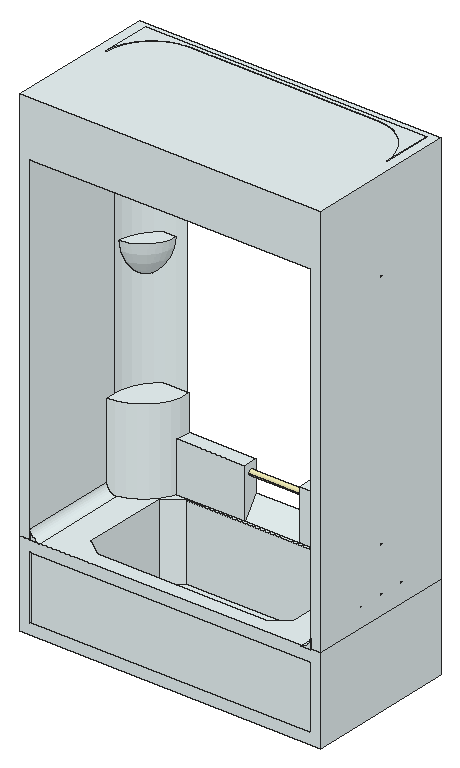
Revit family
Parameters
  Waste Connection = yes
  Warranty Duration (Years) = 10
  Vent Connection = no
  Tub Spout Height = 1' - 9"
  Test Data = ""
  Specification = "http://www.arcat.com/divs/sec/sec15410.shtml"
  Shower Head Height [instance] = 6' - 6"
  Sales Information = ""
  Right Handed [instance] = yes
  Rad A = Depth * 0.38229  # 0' - 11 15/32"
  Product Properties = "http://www.arcat.com/bim/bim_info.pl?fn=Tub-Enclosure_1-Piece"
  Product Data = "http://www.arcat.com/divs/sec/sec15410.shtml"
  Model = "Generic"  # constant formula
  Material - Bath Fittings = ARCAT - Fiberglass
  Manufacturer Website = "http://www.arcat.com/"
  Manufacturer Phone - Toll Free = ""
  Manufacturer Phone = "(203) 929-9444"  # constant formula
  Manufacturer Fax = "(203) 939-2444"  # constant formula
  Manufacturer Email = "bim@arcat.com"  # constant formula
  Manufacturer Address = "1077 Bridgeport Ave, Shelton, CT  06484"  # constant formula
  Manufacturer = "Generic"  # constant formula
  Maintenance Schedule (Months) = 12
  Length = 5' - 0"
  Keynote = "15410"
  Description = "1 Piece Tub Enclosure"
  Connections - Supply [instance] = Plumbing-Connector : Sweat-Sweat -C-C 050
  Left Handed [instance] = yes
  Installation_Fabrication = ""
  Installation Phase = ""
  Height = 8' - 0"
  HW Connection = yes
  Green Building - LEED = "http://www.arcat.com/green/green_building.shtml"
  Finish - Bath Fixtures = ARCAT - Metal - Brass
  Finish - Bath Fittings = ARCAT - Enamel Coating - Azure
  Expected Lifespan (Years) = 20
  Drawn By = "Robert S. Weygant. CSI, CDT, SCIP"  # constant formula
  Connections - Drain [instance] = Plumbing-Connector : Weld-Weld -PVC-PVC 150
  Depth = 2' - 6"
  Default Elevation = 4' - 0"
  Copyright = "2008, ARCAT, Inc."  # constant formula
  Control Height = 2' - 6"
  Construction Details = "http://www.arcat.com/divs/sec/sec15410.shtml"
  CW Connection = yes
  Building Codes = ""
  Assembly Code = "D2010510"
Reference planes (in)
  plane 1 "Center": y = 2
  plane 2: z = 0
  plane 3 "Center (Left/Right)": x = 0
  plane 4: y = 17
  plane 5: y = -13
  plane 6 "Left Hand": x = -30
  plane 7 "Right Hand": x = 30
  plane 8: z = 96
  plane 9: y = 0
  plane 10: x = 0
  plane 11: y = 17
  plane 12: y = -17
  plane 13: y = -2.875
  plane 14: y = 0
  plane 15: x = 0
  plane 16: y = 17
  plane 17: y = -17
  plane 18: y = -2.875
  plane 19: z = 78
  plane 20: z = 30
  plane 21: z = 21
  plane 22 "Drain Level": z = 2
  plane 23: x = -16
  plane 24: x = 16
Forms (in)
  Extrusion 1, solid, material "ARCAT - Enamel Coating - Azure" <- "Finish - Bath Fittings"
    sketch origin (0, -17, 0) x (1, 0, 0) y (0, 1, 0)
      loop
        line (-30, 34) -> (-30, 4) -> (30, 4) -> (30, 34) -> (-30, 34)
    from 17 to 96
  Extrusion 2, void
    sketch origin (0, -17, 17) x (1, 0, 0) y (0, 1, 0)
      loop
        line (-28, 4) -> (0, 4) -> (28, 4) -> (28, 25)
        arc (28, 25) -> (25.30761, 31.5) -> (18.80761, 34.19239) r 9.19239
        line (18.80761, 34.19239) -> (0, 34.19239) -> (-18.80761, 34.19239)
        arc (-18.80761, 34.19239) -> (-25.30761, 31.5) -> (-28, 25) r 9.19239
        line (-28, 25) -> (-28, 4)
    from 0 to 68
  Extrusion 3, solid, material "ARCAT - Enamel Coating - Azure" <- "Finish - Bath Fittings"
    sketch origin (0, -17, 77) x (1, 0, 0) y (0, 1, 0)
      loop
        line (28, 23) -> (28, 33) -> (-28, 33) -> (-28, 23)
        arc (-28, 23) -> (-25.30761, 29.5) -> (-18.80761, 32.19239) r 9.19239
        line (-18.80761, 32.19239) -> (18.80761, 32.19239)
        arc (18.80761, 32.19239) -> (25.30761, 29.5) -> (28, 23) r 9.19239
    from 8 to 19
  Extrusion 4, solid, material "ARCAT - Enamel Coating - Azure" <- "Finish - Bath Fittings"
    sketch origin (0, 16, 0) x (1, 0, 0) y (0, 0, 1)
      loop
        line (28, 17) -> (28, 19)
        arc (28, 19) -> (27.41421, 17.58579) -> (26, 17) r 2
        line (26, 17) -> (28, 17)
    from 0 to 29
  Extrusion 5, solid, material "ARCAT - Enamel Coating - Azure" <- "Finish - Bath Fittings"
    sketch origin (0, 16, 0) x (-1, 0, 0) y (0, 0, -1)
      loop
        line (28, -17) -> (26, -17)
        arc (26, -17) -> (27.41421, -17.58579) -> (28, -19) r 2
        line (28, -19) -> (28, -17)
    from 0 to 29
  Extrusion 6, solid, material "ARCAT - Enamel Coating - Azure" <- "Finish - Bath Fittings"
    sketch origin (0, -17, 17) x (1, 0, 0) y (0, 1, 0)
      loop
        line (28, 23) -> (28, 32.19239) -> (18.80761, 32.19239)
        arc (18.80761, 32.19239) -> (21.5, 25.69239) -> (28, 23) r 9.19239
    from 0 to 17
  Extrusion 7, solid, material "ARCAT - Enamel Coating - Azure" <- "Finish - Bath Fittings"
    sketch origin (0, -17, 17) x (1, 0, 0) y (0, 1, 0)
      loop
        line (20, 32.19239) -> (5.47167, 32.19239) -> (5.47167, 29.44239) -> (20, 29.44239) -> (20, 32.19239)
    from 0 to 10
  Extrusion 8, solid, material "ARCAT - Enamel Coating - Azure" <- "Finish - Bath Fittings"
    sketch origin (0, -17, 17) x (-1, 0, 0) y (0, -1, 0)
      loop
        arc (28, -23) -> (21.5, -25.69239) -> (18.80761, -32.19239) r 9.19239
        line (18.80761, -32.19239) -> (28, -32.19239) -> (28, -23)
    from 0 to 17
  Extrusion 9, solid, material "ARCAT - Enamel Coating - Azure" <- "Finish - Bath Fittings"
    sketch origin (0, -17, 17) x (-1, 0, 0) y (0, -1, 0)
      loop
        line (20, -32.19239) -> (20, -29.44239) -> (5.47167, -29.44239) -> (5.47167, -32.19239) -> (20, -32.19239)
    from 0 to 10
  Extrusion 10, solid, material "ARCAT - Enamel Coating - Azure" <- "Finish - Bath Fittings"
    sketch origin (-5.47167, -17, 0) x (0, 1, 0) y (0, 0, 1)
      loop
        line (29.44239, 17) -> (32.19239, 17) -> (32.19239, 20.92741) -> (29.44239, 17)
    from 0 to 10.94333
  Extrusion 11, solid, material "ARCAT - Metal - Brass" <- "Finish - Bath Fixtures"
    sketch origin (-5.47167, -17, -1.75) x (0, 1, 0) y (0, 0, 1)
      loop
        circle (30.81739, 27) r 0.5
    from 0 to 10.94333
  Revolve 12, solid, material "ARCAT - Enamel Coating - Azure" <- "Finish - Bath Fittings"
    sketch origin (28, -17, 10) x (0, 1, 0) y (0, 0, 1)
      loop
        line (32.16548, 45.03236) -> (32.38305, 33.9108) -> (32.38305, 51.01067) -> (27.0548, 51.01067)
        arc (27.0548, 51.01067) -> (29.03484, 47.52971) -> (32.16548, 45.03236) r 10.59471
      axis (32.38305, 33.9108) -> (32.38305, 51.01067)
    angle from 0 to 90
  Revolve 13, solid, material "ARCAT - Enamel Coating - Azure" <- "Finish - Bath Fittings"
    sketch origin (-28, -17, 10) x (0, 1, 0) y (0, 0, -1)
      loop
        arc (32.19239, -42) -> (27.85622, -45.67804) -> (25.88305, -51.01067) r 11.2076
        line (25.88305, -51.01067) -> (32.38305, -51.01067) -> (32.38305, -41.9108) -> (32.19239, -42)
      axis (32.38305, -41.9108) -> (32.38305, -51.01067)
    angle from 0 to 90
  Extrusion 14, void
    sketch origin (-28.00513, 0, 0) x (0, 1, 0) y (0, 0, 1)
      loop
        line (-13, 1.71157) -> (-12.75, 1.71157) -> (-12.75, 14.71157) -> (-13, 14.71157) -> (-13, 1.71157)
    from 0 to 56.00513
  Blend 15, void, not visible
    base sketch origin (0, -17, 4) x (1, 0, 0) y (0, 1, 0)
      loop
        arc (-8.24317, 23.42872) -> (-13.64996, 24.34644) -> (-18.73267, 22.28691) r 10.04249
        arc (-18.73267, 22.28691) -> (-21.45427, 14.125) -> (-18.73267, 5.96309) r 13.59934
        arc (-18.73267, 5.96309) -> (-13.64996, 3.90356) -> (-8.24317, 4.82128) r 10.04249
        arc (-8.24317, 4.82128) -> (0, 5.93578) -> (8.24317, 4.82128) r 31.04162
        arc (8.24317, 4.82128) -> (13.64996, 3.90356) -> (18.73267, 5.96309) r 10.04249
        arc (18.73267, 5.96309) -> (21.45427, 14.125) -> (18.73267, 22.28691) r 13.59934
        arc (18.73267, 22.28691) -> (13.64996, 24.34644) -> (8.24317, 23.42872) r 10.04249
        arc (8.24317, 23.42872) -> (0, 22.31422) -> (-8.24317, 23.42872) r 31.04162
    top sketch origin (0, -17, 4) x (1, 0, 0) y (0, 1, 0)
      loop
        arc (-20.23064, 4.6286) -> (-14.2197, 1.96946) -> (-7.71207, 2.89309) r 11.94417
        arc (-7.71207, 2.89309) -> (0, 3.93578) -> (7.71207, 2.89309) r 29.04162
        arc (7.71207, 2.89309) -> (14.2197, 1.96946) -> (20.23064, 4.6286) r 11.94417
        arc (20.23064, 4.6286) -> (23.45341, 14.125) -> (20.23064, 23.6214) r 15.6027
        arc (20.23064, 23.6214) -> (14.2197, 26.28054) -> (7.71207, 25.35691) r 11.94417
        arc (7.71207, 25.35691) -> (0, 24.31422) -> (-7.71207, 25.35691) r 29.04162
        arc (-7.71207, 25.35691) -> (-14.2197, 26.28054) -> (-20.23064, 23.6214) r 11.94417
        arc (-20.23064, 23.6214) -> (-23.45341, 14.125) -> (-20.23064, 4.6286) r 15.6027
    from 0 to 13
  Blend 16, void, not visible
    base sketch origin (0, -17, 4) x (1, 0, 0) y (0, 1, 0)
      loop
        arc (-8.24317, 23.42872) -> (-13.64996, 24.34644) -> (-18.73267, 22.28691) r 10.04249
        arc (-18.73267, 22.28691) -> (-21.45427, 14.125) -> (-18.73267, 5.96309) r 13.59934
        arc (-18.73267, 5.96309) -> (-13.64996, 3.90356) -> (-8.24317, 4.82128) r 10.04249
        arc (-8.24317, 4.82128) -> (0, 5.93578) -> (8.24317, 4.82128) r 31.04162
        arc (8.24317, 4.82128) -> (13.64996, 3.90356) -> (18.73267, 5.96309) r 10.04249
        arc (18.73267, 5.96309) -> (21.45427, 14.125) -> (18.73267, 22.28691) r 13.59934
        arc (18.73267, 22.28691) -> (13.64996, 24.34644) -> (8.24317, 23.42872) r 10.04249
        arc (8.24317, 23.42872) -> (0, 22.31422) -> (-8.24317, 23.42872) r 31.04162
    top sketch origin (0, -17, 4) x (1, 0, 0) y (0, 1, 0)
      loop
        arc (-20.23064, 4.6286) -> (-14.2197, 1.96946) -> (-7.71207, 2.89309) r 11.94417
        arc (-7.71207, 2.89309) -> (0, 3.93578) -> (7.71207, 2.89309) r 29.04162
        arc (7.71207, 2.89309) -> (14.2197, 1.96946) -> (20.23064, 4.6286) r 11.94417
        arc (20.23064, 4.6286) -> (23.45341, 14.125) -> (20.23064, 23.6214) r 15.6027
        arc (20.23064, 23.6214) -> (14.2197, 26.28054) -> (7.71207, 25.35691) r 11.94417
        arc (7.71207, 25.35691) -> (0, 24.31422) -> (-7.71207, 25.35691) r 29.04162
        arc (-7.71207, 25.35691) -> (-14.2197, 26.28054) -> (-20.23064, 23.6214) r 11.94417
        arc (-20.23064, 23.6214) -> (-23.45341, 14.125) -> (-20.23064, 4.6286) r 15.6027
    from 0 to 13
  Extrusion 17, solid, material "ARCAT - Enamel Coating - Azure" <- "Finish - Bath Fittings"
    sketch origin (0, 0, 0) x (1, 0, 0) y (0, 1, 0)
      loop
        line (-30, 17) -> (-30, -13) -> (30, -13) -> (30, 17) -> (-30, 17)
      loop
        line (-17.02647, 12.05692) -> (-20.20468, 9.48326) -> (-20.20468, -7.48326) -> (-17.00861, -10.07139) -> (17.00861, -10.07139) -> (20.20468, -7.48326) -> (20.20468, 9.48326) -> (17.02647, 12.05692) -> (-17.02647, 12.05692)
    from 0 to 17
  Extrusion 18, solid, material "ARCAT - Enamel Coating - Azure" <- "Finish - Bath Fittings"
    sketch origin (0, 0, 0) x (1, 0, 0) y (0, 1, 0)
      loop
        line (-30, 17) -> (-30, -13) -> (30, -13) -> (30, 17) -> (-30, 17)
    from 0 to 2
Cuts and joins
  Extrusion 2, Extrusion 14 cuts Extrusion 1
  Extrusion 14 cuts Extrusion 17
  joined: Extrusion 17, Extrusion 18
Dimensions and locks (in)
  "Length": plane 6 "Left Hand" to plane 7 "Right Hand"
  equal spacing: plane 6 "Left Hand", plane 3 "Center (Left/Right)", plane 7 "Right Hand"
  "Height": plane 8 to level
  locked: plane 8 to Extrusion 3 at 11
  locked: plane 8 to cut or joined group of Extrusion 1, Extrusion 2, Extrusion 14 at 11
  locked: plane 6 "Left Hand" to cut or joined group of Extrusion 1, Extrusion 2, Extrusion 14 at 1.99487
  locked: plane 7 "Right Hand" to cut or joined group of Extrusion 1, Extrusion 2, Extrusion 14 at 2
  "Depth": plane 4 to plane 5
  "Shower Head Height": plane 19 to level
  "Control Height": plane 20 to level
  "Tub Spout Height": plane 21 to level
  equal spacing: plane 4, plane 1 "Center", plane 5
  locked: plane 23 to plane 6 "Left Hand" at 14
  locked: plane 7 "Right Hand" to plane 24 at 14
  equal spacing: nested 10, plane 1 "Center", nested 9, locked at 5 each
  equal spacing: nested 11, plane 1 "Center", nested 12, locked at 5 each
  aligned and locked: Revolve 13 to cut or joined group of Extrusion 1, Extrusion 2, Extrusion 14
  aligned and locked: Revolve 12 to cut or joined group of Extrusion 1, Extrusion 2, Extrusion 14
  aligned and locked: plane 8 to cut or joined group of Extrusion 1, Extrusion 2, Extrusion 14
  aligned and locked: Extrusion 1 sketch curve to plane 4
  aligned and locked: Extrusion 1 sketch curve to plane 6 "Left Hand"
  aligned and locked: Extrusion 1 sketch curve to plane 5
  aligned and locked: Extrusion 1 sketch curve to plane 7 "Right Hand"
  aligned and locked: plane 5 to Extrusion 5  (x2)
  aligned and locked: plane 5 to Extrusion 4
  aligned and locked: plane 5 to cut or joined group of Extrusion 1, Extrusion 2, Extrusion 14
  aligned and locked: Extrusion 1 to Extrusion 2
  aligned and locked: Extrusion 17 sketch curve to plane 4
  aligned and locked: Extrusion 17 sketch curve to plane 6 "Left Hand"
  aligned and locked: Extrusion 17 sketch curve to plane 7 "Right Hand"
  aligned and locked: Extrusion 17 sketch curve to plane 5
  aligned and locked: Extrusion 17 to cut or joined group of Extrusion 1, Extrusion 2, Extrusion 14
  aligned and locked: Extrusion 18 sketch curve to plane 4
  aligned and locked: Extrusion 18 sketch curve to plane 6 "Left Hand"
  aligned and locked: Extrusion 18 sketch curve to plane 5
  aligned and locked: Extrusion 18 sketch curve to plane 7 "Right Hand"
  aligned and locked: Extrusion 11 to Extrusion 9
  aligned and locked: Extrusion 11 to Extrusion 7
  aligned and locked: plane 8 to Extrusion 3
  aligned and locked: Revolve 13 to Revolve 12
  aligned and locked: nested 3 to plane 21
  aligned and locked: plane 1 "Center" to nested 3
  aligned and locked: nested 2 to plane 20
  aligned and locked: plane 1 "Center" to nested 2
  aligned and locked: nested 1 to plane 19
  aligned and locked: plane 1 "Center" to nested 1
  aligned and locked: nested 6 to plane 19
  aligned and locked: plane 1 "Center" to nested 6
  aligned and locked: nested 5 to plane 20
  aligned and locked: plane 1 "Center" to nested 5
  aligned and locked: nested 4 to plane 21
  aligned and locked: plane 1 "Center" to nested 4
  aligned and locked: plane 22 "Drain Level" to cut or joined group of Extrusion 14, Extrusion 17, Extrusion 18
  aligned and locked: plane 22 "Drain Level" to nested 7
  aligned and locked: plane 23 to nested 7
  aligned and locked: plane 24 to nested 8
  aligned and locked: plane 22 "Drain Level" to nested 8
  aligned and locked: nested 9 to plane 21
  aligned and locked: nested 10 to plane 21
  aligned and locked: nested 12 to plane 21
  aligned and locked: nested 11 to plane 21
Automatic sketch dimensions
  Blend 15 sketch curve to Blend 15 sketch curve = 0' - 4.7083"  (x2)
  Blend 15 sketch curve to Blend 15 sketch curve = 0' - 0"  (x4)
  Blend 15 sketch curve to Blend 15 sketch curve = 0' - 6.16944"  (x4)
  Blend 15 sketch curve to Blend 15 sketch curve = 0' - 4.32006"
  Blend 15 sketch curve to Blend 15 sketch curve = 0' - 4.7288"  (x2)
  Blend 15 sketch curve to Blend 15 sketch curve = 0' - 8.39983"
  Blend 15 sketch curve to Blend 15 sketch curve = 0' - 7.65113"  (x2)
  Blend 15 sketch curve to Blend 15 sketch curve = 0' - 0.38824"  (x3)
  Blend 15 sketch curve to Blend 15 sketch curve = 0' - 8.24317"  (x2)
  Blend 15 sketch curve to Blend 15 sketch curve = 1' - 3.70986"
  Blend 15 sketch curve to Blend 15 sketch curve = 2' - 5.92712"  (x2)
  Blend 15 sketch curve to Blend 15 sketch curve = 0' - 1.14181"  (x2)
  Blend 15 sketch curve to Blend 15 sketch curve = 0' - 0.23792"  (x2)
  Blend 15 sketch curve to plane 13 = 0' - 0"  (x2)
  Blend 15 sketch curve to plane 13 = 0' - 9.4964"  (x2)
  plane 13 to Blend 15 sketch curve = 0' - 9.4964"  (x2)
  Blend 15 sketch curve to Blend 15 sketch curve = 0' - 0.13864"  (x3)
  Blend 15 sketch curve to Blend 15 sketch curve = 0' - 7.71207"  (x2)
  Blend 15 sketch curve to Blend 15 sketch curve = 1' - 3.42413"  (x2)
  Blend 15 sketch curve to plane 13 = 0' - 11.23191"
  Blend 15 sketch curve to Blend 15 sketch curve = 2' - 3.99893"  (x2)
  plane 13 to Blend 15 sketch curve = 0' - 0.32452"
  Blend 16 sketch curve to Blend 16 sketch curve = 0' - 4.7083"  (x2)
  Blend 16 sketch curve to Blend 16 sketch curve = 0' - 0"  (x4)
  Blend 16 sketch curve to Blend 16 sketch curve = 0' - 6.16944"  (x4)
  Blend 16 sketch curve to Blend 16 sketch curve = 0' - 4.32006"
  Blend 16 sketch curve to Blend 16 sketch curve = 0' - 4.7288"  (x2)
  Blend 16 sketch curve to Blend 16 sketch curve = 0' - 8.39983"
  Blend 16 sketch curve to Blend 16 sketch curve = 0' - 7.65113"  (x2)
  Blend 16 sketch curve to Blend 16 sketch curve = 0' - 0.38824"  (x3)
  Blend 16 sketch curve to Blend 16 sketch curve = 0' - 8.24317"  (x2)
  Blend 16 sketch curve to Blend 16 sketch curve = 1' - 3.70986"
  Blend 16 sketch curve to Blend 16 sketch curve = 2' - 5.92712"  (x2)
  Blend 16 sketch curve to Blend 16 sketch curve = 0' - 1.14181"  (x2)
  Blend 16 sketch curve to Blend 16 sketch curve = 0' - 0.23792"  (x2)
  Blend 16 sketch curve to plane 18 = 0' - 0"  (x2)
  Blend 16 sketch curve to plane 18 = 0' - 9.4964"  (x2)
  plane 18 to Blend 16 sketch curve = 0' - 9.4964"  (x2)
  Blend 16 sketch curve to Blend 16 sketch curve = 0' - 0.13864"  (x3)
  Blend 16 sketch curve to Blend 16 sketch curve = 0' - 7.71207"  (x2)
  Blend 16 sketch curve to Blend 16 sketch curve = 1' - 3.42413"  (x2)
  Blend 16 sketch curve to plane 18 = 0' - 11.23191"
  Blend 16 sketch curve to Blend 16 sketch curve = 2' - 3.99893"  (x2)
  plane 18 to Blend 16 sketch curve = 0' - 0.32452"
  Extrusion 2 sketch curve to plane 5 = 0' - 0"
  Extrusion 2 sketch curve to plane 3 "Center (Left/Right)" = 0' - 0"  (x2)
  Extrusion 2 sketch curve to plane 1 "Center" = 0' - 6"
  plane 6 "Left Hand" to Extrusion 2 sketch curve = 0' - 11.19239"
  plane 6 "Left Hand" to Extrusion 2 sketch curve = 0' - 2"
  Extrusion 2 sketch curve to plane 7 "Right Hand" = 0' - 11.19239"
  Extrusion 2 sketch curve to plane 7 "Right Hand" = 0' - 2"
  plane 6 "Left Hand" to Extrusion 3 sketch curve = 0' - 2"
  Extrusion 3 sketch curve to plane 4 = 0' - 1.80761"
  Extrusion 3 sketch curve to Extrusion 3 sketch curve = 0' - 9.19239"
  Extrusion 3 sketch curve to plane 7 "Right Hand" = 0' - 11.19239"
  Extrusion 3 sketch curve to plane 4 = 0' - 1"
  Extrusion 3 sketch curve to plane 7 "Right Hand" = 0' - 2"
  Extrusion 4 sketch curve to plane 7 "Right Hand" = 0' - 4"
  Extrusion 4 sketch curve to Extrusion 4 sketch curve = 0' - 2"
  level to Extrusion 4 sketch curve = 1' - 5"
  Extrusion 5 sketch curve to plane 6 "Left Hand" = 0' - 4"
  Extrusion 5 sketch curve to plane 6 "Left Hand" = 0' - 2"
  Extrusion 5 sketch curve to level = 1' - 5"
  Extrusion 6 sketch curve to plane 4 = 0' - 1.80761"
  Extrusion 6 sketch curve to plane 7 "Right Hand" = 0' - 11.19239"
  Extrusion 6 sketch curve to plane 7 "Right Hand" = 0' - 2"
  Extrusion 7 sketch curve to plane 4 = 0' - 1.80761"
  plane 3 "Center (Left/Right)" to Extrusion 7 sketch curve = 0' - 5.47167"
  Extrusion 7 sketch curve to plane 4 = 0' - 4.55761"
  Extrusion 7 sketch curve to plane 7 "Right Hand" = 0' - 10"
  Extrusion 8 sketch curve to plane 4 = 0' - 1.80761"
  plane 6 "Left Hand" to Extrusion 8 sketch curve = 0' - 11.19239"
  plane 6 "Left Hand" to Extrusion 8 sketch curve = 0' - 2"
  Extrusion 9 sketch curve to plane 4 = 0' - 1.80761"
  Extrusion 9 sketch curve to plane 3 "Center (Left/Right)" = 0' - 5.47167"
  Extrusion 9 sketch curve to plane 4 = 0' - 4.55761"
  plane 6 "Left Hand" to Extrusion 9 sketch curve = 0' - 10"
  Extrusion 10 sketch curve to plane 4 = 0' - 4.55761"
  Extrusion 10 sketch curve to plane 4 = 0' - 1.80761"
  level to Extrusion 10 sketch curve = 1' - 5"
  Extrusion 10 sketch curve to Extrusion 10 sketch curve = 0' - 3.92741"
  Extrusion 11 sketch curve to plane 4 = 0' - 3.18261"
  level to Extrusion 11 sketch curve = 2' - 1 1/4"
  Revolve 12 sketch curve to plane 4 = 0' - 6.9452"
  Revolve 12 sketch curve to plane 4 = 0' - 1.83452"
  Revolve 12 sketch curve to plane 4 = 0' - 1.61695"
  Revolve 12 sketch curve to Revolve 12 sketch curve = 0' - 0"  (x2)
  plane 4 to Revolve 12 sketch curve = 0' - 3.08797"
  level to Revolve 12 sketch curve = 3' - 7.9108"
  Revolve 12 sketch curve to Revolve 12 sketch curve = 0' - 11.12157"
  Revolve 12 sketch curve to Revolve 12 sketch curve = 0' - 5.97831"
  Revolve 12 sketch curve to Revolve 12 sketch curve = 0' - 4"
  Revolve 13 sketch curve to plane 4 = 0' - 8.11695"
  Revolve 13 sketch curve to plane 4 = 0' - 1.80761"
  Revolve 13 sketch curve to plane 4 = 0' - 1.61695"
  Revolve 13 sketch curve to Revolve 13 sketch curve = 0' - 0"  (x3)
  plane 4 to Revolve 13 sketch curve = 0' - 3.03695"
  Revolve 13 sketch curve to plane 8 = 2' - 9.89354"
  Revolve 13 sketch curve to Revolve 13 sketch curve = 0' - 1.09579"
  Revolve 13 sketch curve to Revolve 13 sketch curve = 0' - 0.0892"
  Extrusion 14 sketch curve to plane 5 = 0' - 0"
  plane 5 to Extrusion 14 sketch curve = 0' - 0 1/4"
  level to Extrusion 14 sketch curve = 0' - 1.71157"
  Extrusion 14 sketch curve to Extrusion 14 sketch curve = 1' - 1"
  plane 6 "Left Hand" to Extrusion 17 sketch curve = 0' - 9.79532"
  Extrusion 17 sketch curve to Extrusion 17 sketch curve = 0' - 3.17821"
  plane 5 to Extrusion 17 sketch curve = 0' - 2.92861"
  Extrusion 17 sketch curve to Extrusion 17 sketch curve = 0' - 3.19607"  (x2)
  Extrusion 17 sketch curve to plane 7 "Right Hand" = 1' - 0.99139"
  Extrusion 17 sketch curve to plane 7 "Right Hand" = 1' - 0.97353"
  Extrusion 17 sketch curve to Extrusion 17 sketch curve = 0' - 2.58813"  (x2)
  Extrusion 17 sketch curve to plane 1 "Center" = 0' - 7.48326"  (x2)
  Extrusion 17 sketch curve to Extrusion 17 sketch curve = 0' - 2.57366"
  radius of Extrusion 11 sketch curve = 0' - 0 1/2"
Nested families (in)
  nested 1: "Plumbing-Connector" at (-29.5, 3.5, 79.92656) x (0, -1, 0) z (0, 0, 1), type <- "Connections - Supply", visible <- "Left Handed", type "Sweat-Sweat -C-C 050"
  nested 2: "Plumbing-Connector" at (-29.5, 3.5, 31.92656) x (0, -1, 0) z (0, 0, 1), type <- "Connections - Supply", visible <- "Left Handed", type "Sweat-Sweat -C-C 050"
  nested 3: "Plumbing-Connector" at (-29.5, 3.5, 22.92656) x (0, -1, 0) z (0, 0, 1), type <- "Connections - Supply", visible <- "Left Handed", type "Sweat-Sweat -C-C 050"
  nested 4: "Plumbing-Connector" at (30.5, 3.5, 22.92656) x (0, -1, 0) z (0, 0, 1), visible <- "Right Handed", type <- "Connections - Supply", type "Sweat-Sweat -C-C 050"
  nested 5: "Plumbing-Connector" at (30.5, 3.5, 31.92656) x (0, -1, 0) z (0, 0, 1), visible <- "Right Handed", type <- "Connections - Supply", type "Sweat-Sweat -C-C 050"
  nested 6: "Plumbing-Connector" at (30.5, 3.5, 79.92656) x (0, -1, 0) z (0, 0, 1), visible <- "Right Handed", type <- "Connections - Supply", type "Sweat-Sweat -C-C 050"
  nested 7: "Plumbing-Connector" at (-17.5, 2.5, 3.92656), type <- "Connections - Drain", visible <- "Left Handed", type "Weld-Weld -PVC-PVC 150"
  nested 8: "Plumbing-Connector" at (14.5, 2.5, 3.92656), type <- "Connections - Drain", visible <- "Right Handed", type "Weld-Weld -PVC-PVC 150"
  nested 9: "Plumbing-Connector" at (-29.5, -1.5, 22.92656) x (0, -1, 0) z (0, 0, 1), type <- "Connections - Supply", visible <- "HW Connection", type "Sweat-Sweat -C-C 050"
  nested 10: "Plumbing-Connector" at (-29.5, 8.5, 22.92656) x (0, -1, 0) z (0, 0, 1), type <- "Connections - Supply", visible <- "CW Connection", type "Sweat-Sweat -C-C 050"
  nested 11: "Plumbing-Connector" at (30.5, 8.5, 22.92656) x (0, -1, 0) z (0, 0, 1), type <- "Connections - Supply", visible <- "HW Connection", type "Sweat-Sweat -C-C 050"
  nested 12: "Plumbing-Connector" at (30.5, -1.5, 22.92656) x (0, -1, 0) z (0, 0, 1), type <- "Connections - Supply", visible <- "CW Connection", type "Sweat-Sweat -C-C 050"
Definition of nested family "Plumbing-Connector"
  Parameters (values of type "Thread-Crimp -PXR-B 4")
    Waste Connection = no
    Warranty Duration (Years) = 0
    Vent Connection = no
    Type Comments = "Plumbing Connection"
    Test Data = ""
    Specification = "http://www.arcat.com/divs/sec/sec15000.shtml"
    Sales Information = ""
    Product Properties = "http://www.arcat.com/bim/bim_info.pl?fn=Plumbing-Connector"
    Product Data = "http://www.arcat.com/divs/sec/sec15000.shtml"
    Pipe Diameter [instance] = 0' - 4"
    Outlet Material [instance] = ARCAT - PEX-Red
    Outlet Connection [instance] = "Crimp"
    Model = "Generic"  # constant formula
    Mixing Valve = no
    Manufacturer Website = "http://www.arcat.com/"
    Manufacturer Phone - Toll Free = ""
    Manufacturer Phone = "(203) 929-9444"  # constant formula
    Manufacturer Fax = "(203) 939-2444"  # constant formula
    Manufacturer Email = "bim@arcat.com"  # constant formula
    Manufacturer Address = "1077 Bridgeport Ave, Shelton, CT  06484"  # constant formula
    Manufacturer = "Generic"  # constant formula
    Maintenance Schedule (Months) = 0
    Keynote = "15000"
    Installation_Fabricaton = ""
    Installation Phase = ""
    Inlet Material [instance] = ARCAT - Brass
    Inlet Connection [instance] = "Threaded"
    HW Connection = no
    Green Building-LEED = "http://www.arcat.com/green/green_building.shtml"
    Expected Lifespan (Years) = 0
    Drawn By = "Robert S. Weygant. CSI, CDT, SCIP"  # constant formula
    Description = ""
    Default Elevation = 4' - 0"
    Copyright = "2008, ARCAT, Inc."  # constant formula
    Construction Details = "http://www.arcat.com/divs/sec/sec15000.shtml"
    CW Connection = yes
    Building Codes = ""
    Assembly Code = "D2090900"
  Types (21): name | Pipe Diameter | Outlet Material | Outlet Connection | Inlet Material | HW Connection | CW Connection
    Thread-Crimp -PXW-B 2 | 0' - 2" | ARCAT - PEX-White | "Crimp" | ARCAT - Brass | no | yes
    Thread-Crimp -PXW-B 1 | 0' - 1" | ARCAT - PEX-White | "Crimp" | ARCAT - Brass | no | yes
    Thread-Crimp -PXB-B 3 | 0' - 3" | ARCAT - PEX-Blue | "Crimp" | ARCAT - Brass | no | yes
    Thread-Crimp -PXB-B 2 | 0' - 2" | ARCAT - PEX-Blue | "Crimp" | ARCAT - Brass | no | yes
    Thread-Crimp -PXB-B 1 | 0' - 1" | ARCAT - PEX-Blue | "Crimp" | ARCAT - Brass | no | yes
    Thread-Crimp -PXR-B 4 | 0' - 4" | ARCAT - PEX-Red | "Crimp" | ARCAT - Brass | no | yes
    Thread-Crimp -PXR-B 3 | 0' - 3" | ARCAT - PEX-Red | "Crimp" | ARCAT - Brass | no | yes
    Thread-Crimp -PXR-B 2 | 0' - 2" | ARCAT - PEX-Red | "Crimp" | ARCAT - Brass | no | yes
    Thread-Crimp -PXR-B 1 | 0' - 1" | ARCAT - PEX-Red | "Crimp" | ARCAT - Brass | yes | no
    Thread-Thread -B-C 4 | 0' - 4" | ARCAT - Brass | "Threaded" | ARCAT - Copper | no | yes
    Thread-Thread -B-C 3 | 0' - 3" | ARCAT - Brass | "Threaded" | ARCAT - Copper | no | yes
    Thread-Thread -B-C 2 | 0' - 2" | ARCAT - Brass | "Threaded" | ARCAT - Copper | no | yes
    Thread-Thread -B-C 1 | 0' - 1" | ARCAT - Brass | "Threaded" | ARCAT - Copper | no | yes
    Thread-Sweat -B-C 4 | 0' - 4" | ARCAT - Brass | "Sweat" | ARCAT - Copper | no | yes
    Thread-Sweat -B-C 3 | 0' - 3" | ARCAT - Brass | "Sweat" | ARCAT - Copper | no | yes
    Thread-Sweat -B-C 2 | 0' - 2" | ARCAT - Brass | "Sweat" | ARCAT - Copper | no | yes
    Thread-Sweat -B-C 1 | 0' - 1" | ARCAT - Brass | "Sweat" | ARCAT - Copper | no | yes
    Thread-Sweat -C-C 4 | 0' - 4" | ARCAT - Copper | "Sweat" | ARCAT - Copper | no | yes
    Thread-Sweat -C-C 3 | 0' - 3" | ARCAT - Copper | "Sweat" | ARCAT - Copper | no | yes
    Thread-Sweat -C-C 2 | 0' - 2" | ARCAT - Copper | "Sweat" | ARCAT - Copper | no | yes
    Thread-Sweat -C-C 1 | 0' - 1" | ARCAT - Copper | "Sweat" | ARCAT - Copper | no | yes
  Reference planes (in)
    plane 1 "Center (TB)": z = -1.92656
    plane 2 "Center (Left/Right)": x = 1.5
    plane 3 "Center (FB)": y = -0.5
    plane 4: x = -0.5
    plane 5: x = 3.5
    plane 6: y = 1.5
    plane 7: y = -2.5
    plane 8: z = 0.07344
    plane 9: z = -3.92656
  Forms (in)
    Revolve 1, solid, material "Default"
      sketch origin (0, 0, -1.92656) x (1, 0, 0) y (0, 1, 0)
        loop
          line (1.5, -0.375) -> (1.5, -0.625)
          arc (1.5, -0.625) -> (1.625, -0.5) -> (1.5, -0.375) r 0.125
        axis (1.5, -0.375) -> (1.5, -0.625)
      angle from 0 to 360
  Lines and regions (in)
    model lines, style "HW Supply", not visible
      curve 1: line (0, 0.5, 0) -> (0, -0.5, 0)
      curve 2: line (-0.5, 0, 0) -> (0.5, 0, 0)
    model lines, style "CW Supply", visible <- "CW Connection"
      curve 3: line (1.5, -0.5, -3.92656) -> (1.5, -0.5, 0.07344)
      curve 8: line (-0.5, -0.5, -1.92656) -> (3.5, -0.5, -1.92656)
      curve 13: line (1.5, 1.5, -1.92656) -> (1.5, -2.5, -1.92656)
    model lines, style "Drain", visible <- "Waste Connection"
      curve 4: line (1.5, -0.5, -3.92656) -> (1.5, -0.5, 0.07344)
      curve 9: line (-0.5, -0.5, -1.92656) -> (3.5, -0.5, -1.92656)
      curve 14: line (1.5, 1.5, -1.92656) -> (1.5, -2.5, -1.92656)
    model lines, style "HW Supply", visible <- "HW Connection"
      curve 5: line (1.5, -0.5, -3.92656) -> (1.5, -0.5, 0.07344)
      curve 10: line (-0.5, -0.5, -1.92656) -> (3.5, -0.5, -1.92656)
      curve 15: line (1.5, 1.5, -1.92656) -> (1.5, -2.5, -1.92656)
    model lines, style "Mixing Valve", visible <- "Mixing Valve"
      curve 6: line (1.5, -0.5, -3.92656) -> (1.5, -0.5, 0.07344)
      curve 11: line (-0.5, -0.5, -1.92656) -> (3.5, -0.5, -1.92656)
      curve 16: line (1.5, 1.5, -1.92656) -> (1.5, -2.5, -1.92656)
    model lines, style "Vent", visible <- "Vent Connection"
      curve 7: line (1.5, -0.5, -3.92656) -> (1.5, -0.5, 0.07344)
      curve 12: line (-0.5, -0.5, -1.92656) -> (3.5, -0.5, -1.92656)
      curve 17: line (1.5, 1.5, -1.92656) -> (1.5, -2.5, -1.92656)
  Dimensions and locks (in)
    equal spacing: plane 4, plane 2 "Center (Left/Right)", plane 5
    equal spacing: plane 6, plane 3 "Center (FB)", plane 7
    "Pipe Diameter": plane 4 to plane 5
    "Pipe Diameter": plane 6 to plane 7
    equal spacing: plane 8, plane 1 "Center (TB)", plane 9
    "Pipe Diameter": plane 8 to plane 9
    aligned and locked: plane 9 to curve 3
    aligned and locked: plane 2 "Center (Left/Right)" to curve 3
    aligned and locked: plane 8 to curve 3
    aligned and locked: plane 2 "Center (Left/Right)" to curve 4
    aligned and locked: plane 2 "Center (Left/Right)" to curve 5
    aligned and locked: plane 2 "Center (Left/Right)" to curve 6
    aligned and locked: plane 2 "Center (Left/Right)" to curve 7
    aligned and locked: plane 4 to curve 8
    aligned and locked: plane 5 to curve 8
    aligned and locked: plane 3 "Center (FB)" to curve 8
    aligned and locked: plane 3 "Center (FB)" to curve 9
    aligned and locked: plane 3 "Center (FB)" to curve 10
    aligned and locked: plane 3 "Center (FB)" to curve 11
    aligned and locked: plane 3 "Center (FB)" to curve 12
    aligned and locked: plane 6 to curve 13
    aligned and locked: curve 13 to plane 2 "Center (Left/Right)"
    aligned and locked: plane 7 to curve 13
    aligned and locked: curve 14 to plane 2 "Center (Left/Right)"
    aligned and locked: curve 15 to plane 2 "Center (Left/Right)"
    aligned and locked: curve 16 to plane 2 "Center (Left/Right)"
    aligned and locked: curve 17 to plane 2 "Center (Left/Right)"
    aligned and locked: level to plane 1 "Center (TB)"
  Automatic sketch dimensions
    Revolve 1 sketch curve to plane 2 "Center (Left/Right)" = 0' - 0"  (x2)
    Revolve 1 sketch curve to plane 3 "Center (FB)" = 0' - 0"
    Revolve 1 sketch curve to Revolve 1 sketch curve = 0' - 0 1/8"
    Revolve 1 sketch curve to plane 7 = 4' - 9 1/2"
    plane 6 to Revolve 1 sketch curve = 4' - 8.8714"
    curve 6 to plane 8 = 0' - 0"
    curve 4 to plane 8 = 0' - 0"
    curve 5 to plane 8 = 0' - 0"
    curve 7 to plane 8 = 0' - 0"
    curve 4 to plane 9 = 0' - 0"
    curve 7 to plane 9 = 0' - 0"
    curve 6 to plane 9 = 0' - 0"
    curve 5 to plane 9 = 0' - 0"
    curve 17 to plane 6 = 0' - 0"
    curve 17 to plane 7 = 0' - 0"
    curve 16 to plane 7 = 0' - 0"
    curve 16 to plane 6 = 0' - 0"
    curve 15 to plane 6 = 0' - 0"
    curve 15 to plane 7 = 0' - 0"
    curve 14 to plane 6 = 0' - 0"
    curve 14 to plane 7 = 0' - 0"
    curve 10 to plane 4 = 0' - 0"
    curve 9 to plane 4 = 0' - 0"
    curve 11 to plane 4 = 0' - 0"
    curve 12 to plane 4 = 0' - 0"
    curve 10 to plane 5 = 0' - 0"
    curve 9 to plane 5 = 0' - 0"
    curve 11 to plane 5 = 0' - 0"
    curve 12 to plane 5 = 0' - 0"
